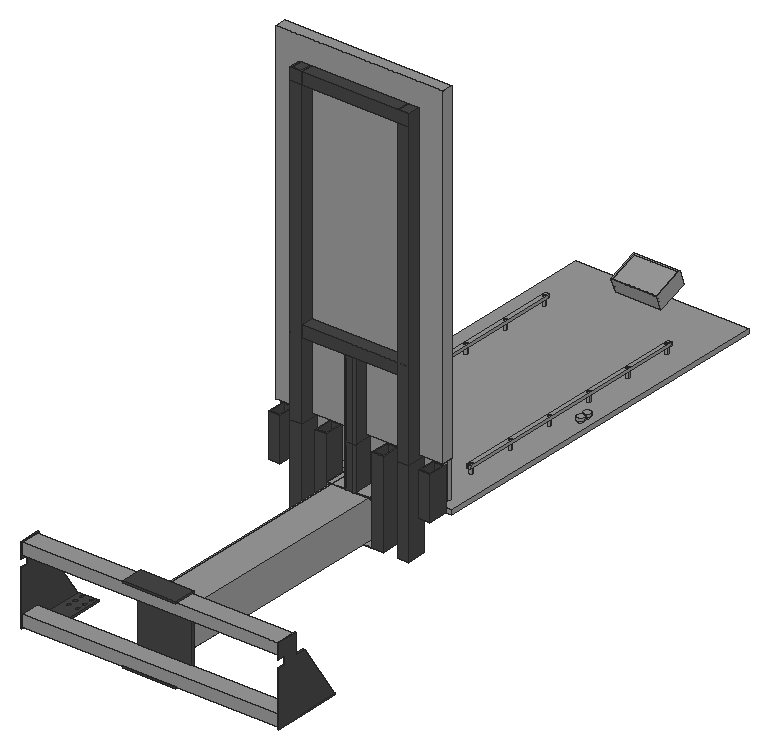
Revit family "Midmark - Fold-Up Lift Table", category Specialty Equipment, host Face, Revit 2017
Family settings
  Host = Face
  Round Connector Dimension = Use Diameter
  Part Type = Normal
  Cut with Voids When Loaded = No
  Shared = No
  Room Calculation Point = No
Parameters (values of type "Stainless Steel Top w/ Hand Control")
  Table Back Support Rails Material = Stainless Steel, Polished
  Table Back Support Plate Material = Stainless Steel, Polished
  Cleats Material = Stainless Steel, Polished
  Scale Display Material = Plastic, Opaque White
  Lift Column Stand Width = 2' - 10.001"
  Lift Column Stand Material = Stainless Steel, Polished
  Foot Control Material = Rubber, Black
  Exam Table Material = Stainless Steel, Polished
  Width = 1' - 10"
  Type Comments = "Electric Fold-up Lift Table, 44\"L x 22\"W Stainless Steel Top with Hand Control."
  Table thickness = 0' - 1 7/16"
  Table Up [instance] = not(Table Down)  # no
  Table Down [instance] = yes
  Scale = yes
  Plate thickness = 0' - 0 1/2"
  Plate Width = 1' - 10.75062"
  Plate Height = 1' - 4"
  Model = "101-3310-10"
  Manufacturer = "MIDMARK"
  Lift Column Material = Stainless Steel, Polished
  Height = Default Elevation + Depth  # 6' - 7.99835"
  Table Frame Material = Steel, Paint Finish, Black, Matte
  Foot Control = no
  Description = ""
  Depth = 3' - 7.99835"
  Default Elevation = 3' - 0"
Types (4): name | Type Comments | Scale | Model | Height | Foot Control | Depth
  Stainless Steel Top w/ Hand Control | "Electric Fold-up Lift Table, 44\"L x 22\"W Stainless Steel Top with Hand Control." | yes | "101-3310-10" | 6' - 7.99835" | no | 3' - 7.99835"
  Stainless Steel Top w/ Foot Control | "Electric Fold-up Lift Table, 44\"L x 22\"W Stainless Steel Top with Foot Control" | no | "101-5640-37" | 6' - 7.99445" | yes | 3' - 7.99445"
  Stainless Steel Top w/ Hand Control & Scale | "Electric Fold-up Lift Table, 44\"L x 22\"W Stainless Steel Top with Hand Control and Built-in Scale" | yes | "101-3310-10" | 6' - 7.99835" | no | 3' - 7.99835"
  Stainless Steel Top w/ Foot Control & Scale | "Electric Fold-up Lift Table, 44\"L x 22\"W Stainless Steel Top with Foot Control and Built-in Scale" | yes | "101-3310-21" | 6' - 7.99445" | yes | 3' - 7.99445"
Reference planes (in)
  plane 1 "Center (Front/Back)": y = 0
  plane 2: z = 0.00384
  plane 3 "Center (Left/Right)": x = 0
  plane 4 "front": z = 57.98734
  plane 5 "Underside of Table - Down Position": y = -1.4375
  plane 6 "Left Edge - Table": x = -11
  plane 7 "Right Edge - Table": x = 11
  plane 8 "Bottom of Lift Column": y = -33.11817
  plane 9 "Bottom Table Base": y = -36
  plane 10 "Left Edge - Base Frame": x = -16.99904
  plane 11 "Right Edge - Base Frame": x = 17.00196
  plane 12 "Back of Table - Down Position": z = 13.98899
  plane 13 "Front - Table Top Frame": z = 54.921
  plane 14 "Bottom of Lift Piston": y = 0.88183
  plane 15 "Top of Lift Column Tube": y = 45.88183
  plane 16 "Underside of Table When Up": z = 13.78793
  plane 17 "Front of Table - Folded Up": y = 43.99835
  plane 18 "Right Edge - Table Top Frame": x = 7.81094
  plane 19 "Top of Stand Plate": y = 48.28136
  plane 20 "Left Edge - Table Top Frame": x = -7.81328
  plane 21 "Top of Base": y = -33.49317
  plane 22 "Front of Table Base": z = 10.188
  plane 23 "Top of Base Lift Column": y = 11.88183
  plane 24 "T.O. SCALE DISPLAY": through (0, 48.28136, 10.188) normal (0, 0.9397, 0.342)
  plane 25 "B.O. SCALE DISPLAY": through (0, 44.52259, 8.81992) normal (0, 0.9397, 0.342)
  plane 26 "BACK OF SCALE DISPLAY": through (0, 44.37041, 9.23805) normal (0, 0.342, -0.9397)
  plane 27 "FRONT OF SCALE DISPLAY": through (0, 43.68637, 11.11743) normal (0, 0.342, -0.9397)
  plane 28: x = 11.37344
  plane 29: x = -11.37719
  plane 30: x = -6.31328
  plane 31: x = 6.31094
  plane 32 "BO Table Top Frame": y = -3.11764
  plane 33 "TO Table Top Frame": y = -0.61764
  plane 34: x = -4.49885
  plane 35 "Left Edge of Back Panel Channel": x = -2.99885
  plane 36: x = 4.49958
  plane 37 "Right Edge of Back Panel Channel": x = 3.00146
  plane 38 "Left Edge of Base Lift Column": x = -2.50023
  plane 39 "Right Edge of Base Lift Column": x = 2.50146
  plane 40 "Left Edge Lift Column Mounting Plate": x = -3.50023
  plane 41 "Right Edge Lift Column Mounting Plate": x = 3.50146
  plane 42 "TO Base Stand": y = -26.74317
  plane 43 "TO Foot Control": y = -34.5
  plane 44 "Left Edge of Foot Control": x = 12.27
  plane 45 "Right Edge of Foot Control": x = 20.27
  plane 46: x = -9.12851
  plane 47: x = -10.62693
  plane 48: x = 9.1297
  plane 49: x = 10.6297
  plane 50 "Left Edge Scale Display Frame": x = -3
  plane 51 "Right Edge Scale Display Frame": x = 3
Forms (in)
  Extrusion 1, solid, material "Stainless Steel, Polished" <- "Exam Table Material", visible <- "Table Down"
    sketch origin (0.07568, 0, 35) x (-1, 0, 0) y (0, 0, 1)
      loop
        line (11.07568, -20.96369) -> (11.07568, 22.94124)
        arc (11.07568, 22.94124) -> (11.06218, 22.97384) -> (11.02958, 22.98734) r 0.0461
        line (11.02958, 22.98734) -> (-10.87713, 22.98734)
        arc (-10.87713, 22.98734) -> (-10.9105, 22.97351) -> (-10.92432, 22.94014) r 0.0472
        line (-10.92432, 22.94014) -> (-10.92432, -20.96529)
        arc (-10.92432, -20.96529) -> (-10.91093, -20.99762) -> (-10.8786, -21.01101) r 0.04572
        line (-10.8786, -21.01101) -> (11.02835, -21.01101)
        arc (11.02835, -21.01101) -> (11.06181, -20.99715) -> (11.07568, -20.96369) r 0.04733
    from 0 to -1.42188
  Extrusion 2, solid, material "Stainless Steel, Polished" <- "Exam Table Material", visible <- "Table Up"
    sketch origin (0.07568, 39.48022, 1.71107) x (0, 1, 0) y (-1, 0, 0)
      loop
        arc (4.52368, 10.22875) -> (4.27563, 10.82762) -> (3.67676, 11.07568) r 0.84692
        line (3.67676, 11.07568) -> (-39.43782, 11.07568)
        arc (-39.43782, 11.07568) -> (-39.47232, 11.06139) -> (-39.48661, 11.02689) r 0.04879
        line (-39.48661, 11.02689) -> (-39.48661, -10.87801)
        arc (-39.48661, -10.87801) -> (-39.47304, -10.91076) -> (-39.4403, -10.92432) r 0.04631
        line (-39.4403, -10.92432) -> (3.67696, -10.92432)
        arc (3.67696, -10.92432) -> (4.27568, -10.67632) -> (4.52368, -10.0776) r 0.84673
        line (4.52368, -10.0776) -> (4.52368, 10.22875)
    from 10.63935 to 12.07685
  Extrusion 3, solid, material "Stainless Steel, Polished" <- "Lift Column Stand Material"
    sketch origin (-0.48, -180, 4.20911) x (0, 0, -1) y (0, -1, 0)
      loop
        line (4, -146.50683) -> (4, -144.00683) -> (2.4763, -144.00683) -> (2.4763, -146.50683) -> (4, -146.50683)
      loop
        line (2.6013, -146.38183) -> (3.8513, -146.38183) -> (3.8513, -144.13183) -> (2.6013, -144.13183) -> (2.6013, -146.38183)
      loop
        line (-5.97889, -146.50683) -> (-4.47889, -146.50683) -> (-4.47889, -144.00683) -> (-5.97889, -144.00683) -> (-5.97889, -146.50683)
      loop
        line (-5.85389, -146.38183) -> (-4.60389, -146.38183) -> (-4.60389, -144.13183) -> (-5.85389, -144.13183) -> (-5.85389, -146.38183)
    from -17.30568 to 16.33104
  Extrusion 4, solid, material "Steel, Paint Finish, Black, Matte" <- "Table Frame Material"
    sketch origin (-0.61672, -180, 4.20911) x (0, 0, -1) y (0, -1, 0)
      loop
        line (-3.41589, -146.88183) -> (-3.41589, -148.20141) -> (3.7883, -152.97783)
        arc (3.7883, -152.97783) -> (3.91782, -153.09937) -> (4, -153.25683) r 0.53076
        line (4, -153.25683) -> (4, -147.50683) -> (4.20911, -147.50683) -> (4.20911, -144) -> (-2.97889, -144) -> (-2.97889, -145.00683) -> (-3.97889, -145.00683) -> (-3.97889, -144) -> (-5.97889, -144) -> (-5.97889, -146.88183) -> (-3.41589, -146.88183)
    from 16.19432 to 16.38232
  Extrusion 5, solid, material "Steel, Paint Finish, Black, Matte" <- "Table Frame Material"
    sketch origin (0.56, -180, 4) x (0, 0, -1) y (0, -1, 0)
      loop
        line (4, -144) -> (-3.188, -144) -> (-3.188, -145.00683) -> (-4.188, -145.00683) -> (-4.188, -144) -> (-6.188, -144) -> (-6.188, -146.88183) -> (-3.5656, -146.88183) -> (-3.5656, -148.24079) -> (3.57918, -152.97783)
        arc (3.57918, -152.97783) -> (3.73197, -153.08172) -> (3.79089, -153.25683) r 0.2897
        line (3.79089, -153.25683) -> (3.79089, -147.50683) -> (4, -147.50683) -> (4, -144)
    from -16.45368 to -16.26568
  Extrusion 6, solid, material "Steel, Paint Finish, Black, Matte" <- "Table Frame Material"
    sketch origin (0, 0, 0) x (1, 0, 0) y (0, 0, 1)
      loop
        line (-3.50023, 10.188) -> (-3.50023, 0.20911) -> (3.50146, 0.20911) -> (3.50146, 10.188) -> (-3.50023, 10.188)
    from 33.11817 to 33.49317
  Extrusion 7, solid, material "Stainless Steel, Polished" <- "Lift Column Material"
    sketch origin (0, 0, 0) x (1, 0, 0) y (0, 0, 1)
      loop
        line (-2.50023, 2.643) -> (2.50146, 2.643) -> (2.50146, 7.715) -> (-2.50023, 7.715) -> (-2.50023, 2.643)
      loop
        arc (-2.36523, 7.67) -> (-2.42887, 7.64364) -> (-2.45523, 7.58) r 0.09
        line (-2.45523, 7.58) -> (-2.45523, 2.778)
        arc (-2.45523, 2.778) -> (-2.42887, 2.71436) -> (-2.36523, 2.688) r 0.09
        line (-2.36523, 2.688) -> (2.36646, 2.688)
        arc (2.36646, 2.688) -> (2.4301, 2.71436) -> (2.45646, 2.778) r 0.09
        line (2.45646, 2.778) -> (2.45646, 7.58)
        arc (2.45646, 7.58) -> (2.4301, 7.64364) -> (2.36646, 7.67) r 0.09
        line (2.36646, 7.67) -> (-2.36523, 7.67)
    from -11.88183 to 33.11817
  Extrusion 8, solid, material "Stainless Steel, Polished" <- "Exam Table Material"
    sketch origin (0, 0, 0) x (1, 0, 0) y (0, 0, 1)
      loop
        line (-1.95523, 7.215) -> (-1.95523, 3.233) -> (1.95646, 3.233) -> (1.95646, 7.215) -> (-1.95523, 7.215)
      loop
        line (2.00146, 3.188) -> (2.00146, 7.26) -> (-2.00023, 7.26) -> (-2.00023, 3.188) -> (2.00146, 3.188)
    from -45.88183 to -0.88183
  Extrusion 9, solid, material "Stainless Steel, Polished" <- "Exam Table Material"
    sketch origin (0, 0, 0) x (1, 0, 0) y (0, 0, 1)
      loop
        line (-2.99885, 7.76) -> (-2.99885, 2.03) -> (3.00146, 2.03) -> (3.00146, 7.76) -> (-2.99885, 7.76)
      loop
        line (2.95646, 7.715) -> (-2.95385, 7.715) -> (-2.95385, 2.07688) -> (2.95646, 2.07688) -> (2.95646, 7.715)
    from -45.88183 to 3.07317
  Extrusion 10, solid, material "Steel, Paint Finish, Black, Matte" <- "Table Frame Material"
    sketch origin (-28.83328, -179.89529, 7.5656) x (-1, 0, 0) y (0, -1, 0)
      loop
        line (-11.83423, -153.15212) -> (-11.83423, -147.40212) -> (-14.21023, -147.40212) -> (-14.71023, -147.90212) -> (-14.71023, -153.15212) -> (-11.83423, -153.15212)
      loop
        line (-42.95923, -153.15212) -> (-42.95923, -147.90212) -> (-43.45923, -147.40212) -> (-45.83523, -147.40212) -> (-45.83523, -153.15212) -> (-42.95923, -153.15212)
      loop
        circle (-43.45418, -152.65363) r 0.20279
      loop
        circle (-44.70303, -152.65363) r 0.20279
      loop
        circle (-44.70303, -150.40363) r 0.20279
      loop
        circle (-43.45303, -150.40363) r 0.20279
      loop
        circle (-44.70905, -147.88427) r 0.20279
      loop
        circle (-12.96337, -147.88427) r 0.20279
      loop
        circle (-12.96337, -150.40812) r 0.20279
      loop
        circle (-12.96337, -152.65812) r 0.20279
      loop
        circle (-14.21337, -152.65812) r 0.20279
      loop
        circle (-14.21337, -150.39189) r 0.20279
      loop
        circle (-12.9664, -151.52461) r 0.25
      loop
        circle (-14.2164, -151.52461) r 0.25
      loop
        circle (-43.45777, -151.52461) r 0.25
      loop
        circle (-44.70777, -151.52461) r 0.25
    from -7.5656 to -7.3156
  Extrusion 11, solid, material "Stainless Steel, Polished" <- "Exam Table Material"
    sketch origin (-0.48, -180, 4) x (0, 0, -1) y (0, -1, 0)
      loop
        line (-9.98899, -179.88236) -> (-5.26, -179.88236) -> (-5.26, -179.38236) -> (-9.98899, -179.38236) -> (-9.98899, -179.88236)
    from -11.47844 to 10.52159
  Extrusion 12, solid, material "Steel, Paint Finish, Black, Matte" <- "Table Frame Material"
    sketch origin (-28.83328, -179.89529, 7.5656) x (-1, 0, 0) y (0, -1, 0)
      loop
        line (-18.20636, -179.27765) -> (-18.20636, -176.77765) -> (-19.70477, -176.77765) -> (-19.70477, -179.27765) -> (-18.20636, -179.27765)
      loop
        line (-18.33136, -179.15265) -> (-18.33136, -176.90265) -> (-19.57977, -176.90265) -> (-19.57977, -179.15265) -> (-18.33136, -179.15265)
      loop
        line (-37.95711, -179.27765) -> (-37.95711, -176.77765) -> (-39.45711, -176.77765) -> (-39.45711, -179.27765) -> (-37.95711, -179.27765)
      loop
        line (-38.08211, -179.15265) -> (-38.08211, -176.90265) -> (-39.33211, -176.90265) -> (-39.33211, -179.15265) -> (-38.08211, -179.15265)
    from 0.1494 to 5.7974
  Extrusion 13, solid, material "Steel, Paint Finish, Black, Matte" <- "Table Frame Material"
    sketch origin (-28.82742, -179.89529, 7.5656) x (-1, 0, 0) y (0, -1, 0)
      loop
        line (-21.01414, -179.27765) -> (-21.01414, -176.77765) -> (-22.51414, -176.77765) -> (-22.51414, -179.27765) -> (-21.01414, -179.27765)
      loop
        line (-21.13914, -179.15265) -> (-21.13914, -176.90265) -> (-22.38914, -176.90265) -> (-22.38914, -179.15265) -> (-21.13914, -179.15265)
      loop
        line (-35.13836, -179.27765) -> (-35.13836, -176.77765) -> (-36.63836, -176.77765) -> (-36.63836, -179.27765) -> (-35.13836, -179.27765)
      loop
        line (-35.26336, -179.15265) -> (-35.26336, -176.90265) -> (-36.51336, -176.90265) -> (-36.51336, -179.15265) -> (-35.26336, -179.15265)
    from -5.5356 to 5.7974
  Extrusion 14, solid, material "Steel, Paint Finish, Black, Matte" <- "Table Frame Material"
    sketch origin (-28.83328, -179.89529, 7.5656) x (-1, 0, 0) y (0, -1, 0)
      loop
        line (-24.33442, -179.27765) -> (-24.33442, -176.77765) -> (-25.83442, -176.77765) -> (-25.83442, -179.27765) -> (-24.33442, -179.27765)
      loop
        line (-24.45942, -179.15265) -> (-24.45942, -176.90265) -> (-25.70942, -176.90265) -> (-25.70942, -179.15265) -> (-24.45942, -179.15265)
      loop
        line (-31.83473, -179.27765) -> (-31.83473, -176.77765) -> (-33.33286, -176.77765) -> (-33.33286, -179.27765) -> (-31.83473, -179.27765)
      loop
        line (-31.95786, -179.15265) -> (-31.95786, -176.90265) -> (-33.20786, -176.90265) -> (-33.20786, -179.15265) -> (-31.95786, -179.15265)
    from -5.5356 to 5.7974
  Extrusion 15, solid, material "Steel, Paint Finish, Black, Matte" <- "Table Frame Material"
    sketch origin (-28.83328, -179.89529, 7.5656) x (-1, 0, 0) y (0, -1, 0)
      loop
        line (-28.0817, -179.27765) -> (-28.0817, -177.09345)
        arc (-28.0817, -177.09345) -> (-28.17391, -176.87043) -> (-28.3967, -176.77765) r 0.3158
        line (-28.3967, -176.77765) -> (-29.2667, -176.77765)
        arc (-29.2667, -176.77765) -> (-29.48813, -176.85674) -> (-29.5817, -177.07246) r 0.29546
        line (-29.5817, -177.07246) -> (-29.5817, -179.27765) -> (-28.0817, -179.27765)
      loop
        line (-28.2067, -179.15265) -> (-28.2067, -177.02765)
        arc (-28.2067, -177.02765) -> (-28.28298, -176.9367) -> (-28.3967, -176.90265) r 0.2069
        line (-28.3967, -176.90265) -> (-29.2667, -176.90265)
        arc (-29.2667, -176.90265) -> (-29.38041, -176.9367) -> (-29.4567, -177.02765) r 0.2069
        line (-29.4567, -177.02765) -> (-29.4567, -179.15265) -> (-28.2067, -179.15265)
    from 0.1494 to 5.7974
  Extrusion 16, solid, material "Steel, Paint Finish, Black, Matte" <- "Table Frame Material"
    sketch origin (-28.83328, -179.89529, 7.5656) x (-1, 0, 0) y (0, -1, 0)
      loop
        line (-21.01999, -179.27765) -> (-21.01999, -176.77765) -> (-22.51999, -176.77765) -> (-22.51999, -179.27765) -> (-21.01999, -179.27765)
      loop
        line (-21.14499, -179.15265) -> (-21.14499, -176.90265) -> (-22.39499, -176.90265) -> (-22.39499, -179.15265) -> (-21.14499, -179.15265)
      loop
        line (-35.13836, -179.27765) -> (-35.13836, -176.77765) -> (-36.63836, -176.77765) -> (-36.63836, -179.27765) -> (-35.13836, -179.27765)
      loop
        line (-35.26336, -179.15265) -> (-35.26336, -176.90265) -> (-36.51336, -176.90265) -> (-36.51336, -179.15265) -> (-35.26336, -179.15265)
    from 5.7974 to 47.3554
  Extrusion 17, solid, material "Steel, Paint Finish, Black, Matte" <- "Table Frame Material"
    sketch origin (-0.48, -180, 4) x (0, 0, -1) y (0, -1, 0)
      loop
        line (-50.921, -179.38236) -> (-49.421, -179.38236) -> (-49.421, -176.88236) -> (-50.921, -176.88236) -> (-50.921, -179.38236)
      loop
        line (-50.796, -179.25736) -> (-49.546, -179.25736) -> (-49.546, -177.00736) -> (-50.796, -177.00736) -> (-50.796, -179.25736)
      loop
        line (-21.12803, -179.38236) -> (-19.62803, -179.38236) -> (-19.62803, -176.88236) -> (-21.12803, -176.88236) -> (-21.12803, -179.38236)
      loop
        line (-21.00303, -179.25736) -> (-19.75303, -179.25736) -> (-19.75303, -177.00736) -> (-21.00303, -177.00736) -> (-21.00303, -179.25736)
    from -8.27603 to 7.30859
  Extrusion 18, solid, material "Steel, Paint Finish, Black, Matte" <- "Table Frame Material"
    sketch origin (-28.83328, -179.89529, 7.5656) x (-1, 0, 0) y (0, -1, 0)
      loop
        line (-28.0817, -179.27765) -> (-28.0817, -177.09345)
        arc (-28.0817, -177.09345) -> (-28.17419, -176.87014) -> (-28.39749, -176.77765) r 0.3158
        line (-28.39749, -176.77765) -> (-29.28688, -176.77765)
        arc (-29.28688, -176.77765) -> (-29.49535, -176.864) -> (-29.5817, -177.07246) r 0.29481
        line (-29.5817, -177.07246) -> (-29.5817, -179.27765) -> (-28.0817, -179.27765)
      loop
        line (-28.2067, -179.15265) -> (-28.2067, -177.02765)
        arc (-28.2067, -177.02765) -> (-28.28298, -176.9367) -> (-28.3967, -176.90265) r 0.2069
        line (-28.3967, -176.90265) -> (-29.2667, -176.90265)
        arc (-29.2667, -176.90265) -> (-29.38041, -176.9367) -> (-29.4567, -177.02765) r 0.2069
        line (-29.4567, -177.02765) -> (-29.4567, -179.15265) -> (-28.2067, -179.15265)
    from 5.7974 to 16
  Extrusion 19, solid, material "Stainless Steel, Polished" <- "Table Back Support Plate Material"
    sketch origin (-28.83328, -179.89529, 7.5656) x (-1, 0, 0) y (0, -1, 0)
      loop
        line (-17.45828, -228.17665) -> (-17.45828, -179.44712) -> (-40.20671, -179.44712) -> (-40.20671, -228.17665) -> (-17.45828, -228.17665)
    from 0.1494 to 0.6834
  Extrusion 20, solid, material "Stainless Steel, Polished" <- "Table Back Support Rails Material"
    sketch origin (-28.83328, -179.89529, 7.5656) x (-1, 0, 0) y (0, -1, 0)
      loop
        circle (-20.76981, -218.91068) r 0.18847
      loop
        circle (-20.76981, -212.47894) r 0.18847
      loop
        circle (-20.76981, -206.034) r 0.18847
      loop
        circle (-20.76981, -199.59831) r 0.18847
      loop
        circle (-20.76981, -193.14972) r 0.18847
      loop
        circle (-20.76981, -186.71501) r 0.18847
      loop
        circle (-36.89481, -186.71501) r 0.18847
      loop
        circle (-36.89481, -193.15412) r 0.18847
      loop
        circle (-36.89481, -199.59484) r 0.18847
      loop
        circle (-36.89481, -206.03757) r 0.18847
      loop
        circle (-36.89481, -212.48107) r 0.18847
      loop
        circle (-36.89481, -218.9182) r 0.18847
    from 0.7194 to 1.86379
  Extrusion 21, solid, material "Stainless Steel, Polished" <- "Table Back Support Rails Material"
    sketch origin (-28.83328, -179.89529, 7.5656) x (-1, 0, 0) y (0, -1, 0)
      loop
        line (-20.51999, -219.33556) -> (-20.51999, -186.38265)
        arc (-20.51999, -186.38265) -> (-20.55661, -186.29426) -> (-20.64499, -186.25765) r 0.125
        line (-20.64499, -186.25765) -> (-20.89499, -186.25765)
        arc (-20.89499, -186.25765) -> (-20.98338, -186.29426) -> (-21.01999, -186.38265) r 0.125
        line (-21.01999, -186.38265) -> (-21.01999, -219.33556)
        arc (-21.01999, -219.33556) -> (-20.98338, -219.42395) -> (-20.89499, -219.46056) r 0.125
        line (-20.89499, -219.46056) -> (-20.64499, -219.46056)
        arc (-20.64499, -219.46056) -> (-20.55661, -219.42395) -> (-20.51999, -219.33556) r 0.125
      loop
        line (-36.64421, -219.33556) -> (-36.64421, -186.38265)
        arc (-36.64421, -186.38265) -> (-36.68083, -186.29426) -> (-36.76921, -186.25765) r 0.125
        line (-36.76921, -186.25765) -> (-37.01921, -186.25765)
        arc (-37.01921, -186.25765) -> (-37.1076, -186.29426) -> (-37.14421, -186.38265) r 0.125
        line (-37.14421, -186.38265) -> (-37.14421, -219.33556)
        arc (-37.14421, -219.33556) -> (-37.1076, -219.42395) -> (-37.01921, -219.46056) r 0.125
        line (-37.01921, -219.46056) -> (-36.76921, -219.46056)
        arc (-36.76921, -219.46056) -> (-36.68083, -219.42395) -> (-36.64421, -219.33556) r 0.125
    from 1.4694 to 1.8444
  Extrusion 22, solid, material "Stainless Steel, Polished" <- "Cleats Material"
    sketch origin (-28.83328, -185.83476, 7.5656) x (-1, 0, 0) y (0, -1, 0)
      loop
        circle (-18.83329, -209.32958) r 0.31058
      loop
        circle (-18.83329, -208.25648) r 0.31058
      loop
        circle (-38.83326, -208.25648) r 0.31058
      loop
        circle (-38.83326, -209.33245) r 0.31058
    from 0.6834 to 1.00609
  Extrusion 23, solid, material "Stainless Steel, Polished" <- "Cleats Material"
    sketch origin (-28.83328, -185.83476, 7.5656) x (-1, 0, 0) y (0, -1, 0)
      loop
        circle (-18.83147, -209.32865) r 0.5
      loop
        circle (-18.83147, -208.26531) r 0.5
      loop
        circle (-38.83144, -208.26531) r 0.5
      loop
        circle (-38.83144, -209.3302) r 0.5
    from 0.92852 to 1.2194
  Extrusion 24, solid, material "Stainless Steel, Polished" <- "Table Back Support Plate Material", visible <- "Scale"
    sketch origin (0, 44.37041, 9.23805) x (0, -0.939693, -0.34202) y (-1, 0, 0)
      loop
        line (-4, 3) -> (-4, -3) -> (-0.00124, -3) -> (-0.00124, 3) -> (-4, 3)
      loop
        line (-0.12624, 2.875) -> (-3.875, 2.875) -> (-3.875, -2.875) -> (-0.12624, -2.875) -> (-0.12624, 2.875)
    from -2 to 0
  Extrusion 25, solid, material "Plastic, Opaque White" <- "Scale Display Material", visible <- "Scale"
    sketch origin (0, 43.68637, 11.11743) x (0, -0.939693, -0.34202) y (-1, 0, 0)
      loop
        line (-3.875, 2.875) -> (-3.875, -2.875) -> (-0.12624, -2.875) -> (-0.12624, 2.875) -> (-3.875, 2.875)
    from 0 to 2
  Sweep 26, solid, material "Stainless Steel, Polished" <- "Table Back Support Plate Material", visible <- "Scale"
    path origin (0, 0, 0) x (0, 1, 0) y (0, 0, 1)
      loop
        line (46.25038, 9.9223) -> (46.96658, 7.95455)
    profile origin (0, 46.60848, 8.93842) x (0, 0.939693, 0.34202) y (1, 0, 0)
      loop
        circle (0, 0) r 0.25
  Extrusion 27, solid, material "Stainless Steel, Polished" <- "Table Back Support Plate Material", visible <- "Scale"
    sketch origin (0, -0.12415, 0) x (1, 0, 0) y (0, 1, 0)
      loop
        arc (-0.5, 47.44514) -> (-1, 46.94514) -> (-0.5, 46.44514) r 0.5
        line (-0.5, 46.44514) -> (0.5, 46.44514)
        arc (0.5, 46.44514) -> (1, 46.94514) -> (0.5, 47.44514) r 0.5
        line (0.5, 47.44514) -> (-0.5, 47.44514)
    from 8.249 to 8.59927
  Extrusion 28, solid, material "Rubber, Black", visible <- "Foot Control", not visible
    sketch origin (4, 14.73515, -131.10317) x (0, 1, 0) y (0, 0, -1)
      loop
        line (-17.73515, -144) -> (-17.73515, -144.25) -> (-11.73515, -144.25) -> (-11.73515, -144) -> (-17.73515, -144)
    from 0 to 8
  Extrusion 29, solid, material "Rubber, Black", visible <- "Foot Control", not visible
    sketch origin (-0.5, 14.73515, -131.10317) x (0, 1, 0) y (0, 0, -1)
      loop
        line (-17.73515, -144.25) -> (-17.73515, -145.5) -> (-11.73515, -145.5) -> (-11.73515, -144.25) -> (-17.73515, -144.25)
    from -0.24968 to 3.5
  Extrusion 30, solid, material "Rubber, Black", visible <- "Foot Control", not visible
    sketch origin (4, 14.73515, -131.10317) x (0, 1, 0) y (0, 0, -1)
      loop
        line (-17.73515, -144.25) -> (-17.73515, -145.5) -> (-11.73515, -145.5) -> (-11.73515, -144.25) -> (-17.73515, -144.25)
    from 0 to 3.75
  Extrusion 31, solid, material "Rubber, Black", visible <- "Foot Control", not visible
    sketch origin (-46.37847, -34.26485, 12.89683) x (-1, 0, 0) y (0, -1, 0)
      loop
        line (-50.16308, -31.46256) -> (-50.16308, -35.21256) -> (-46.91308, -35.21256) -> (-46.91308, -31.46256) -> (-50.16308, -31.46256)
      loop
        line (-42.59385, -31.46256) -> (-45.84385, -31.46256) -> (-45.84385, -35.21256) -> (-42.59385, -35.21256) -> (-42.59385, -31.46256)
    from 1.5 to 1.67664
  Extrusion 32, solid, material "Rubber, Black", visible <- "Foot Control"
    sketch origin (20.27, -179.99684, -1) x (0, 0, -1) y (0, -1, 0)
      loop
        line (-17.73515, -144) -> (-17.73515, -144.25) -> (-11.73515, -144.25) -> (-11.73515, -144) -> (-17.73515, -144)
    from 0 to 8
  Extrusion 33, solid, material "Rubber, Black", visible <- "Foot Control"
    sketch origin (15.77, -179.99684, -1) x (0, 0, -1) y (0, -1, 0)
      loop
        line (-17.73515, -144.25) -> (-17.73515, -145.5) -> (-11.73515, -145.5) -> (-11.73515, -144.25) -> (-17.73515, -144.25)
    from -0.24968 to 3.5
  Extrusion 34, solid, material "Rubber, Black", visible <- "Foot Control"
    sketch origin (20.27, -179.99684, -1) x (0, 0, -1) y (0, -1, 0)
      loop
        line (-17.73515, -144.25) -> (-17.73515, -145.5) -> (-11.73515, -145.5) -> (-11.73515, -144.25) -> (-17.73515, -144.25)
    from 0 to 3.75
  Extrusion 35, solid, material "Rubber, Black", visible <- "Foot Control"
    sketch origin (-30.10847, -35.99684, 48) x (-1, 0, 0) y (0, 0, 1)
      loop
        line (-50.16308, -31.46256) -> (-50.16308, -35.21256) -> (-46.91308, -35.21256) -> (-46.91308, -31.46256) -> (-50.16308, -31.46256)
      loop
        line (-42.59385, -31.46256) -> (-45.84385, -31.46256) -> (-45.84385, -35.21256) -> (-42.59385, -35.21256) -> (-42.59385, -31.46256)
    from 1.5 to 1.67664
  Extrusion 36, solid, material "Steel, Paint Finish, Black, Matte" <- "Table Frame Material"
    sketch origin (-30.10847, -36, 48) x (-1, 0, 0) y (0, 0, 1)
      loop
        line (-33.60992, -37.687) -> (-33.60992, -37.937) -> (-26.60824, -37.937) -> (-26.60824, -37.687) -> (-33.60992, -37.687)
      loop
        line (-33.60992, -47.66589) -> (-33.60992, -47.91589) -> (-26.60824, -47.91589) -> (-26.60824, -47.66589) -> (-33.60992, -47.66589)
    from 0 to 2.88183
Lines and regions (in)
  symbolic lines, style "SpecialityEquipmentHiddenLines", visible <- "Table Up"
    curve 1: line (-10.53371, 42.9379, 2.1875) -> (0, 0, 2.1875)
    curve 2: line (0, 0, 2.1875) -> (10.29468, 42.9379, 2.1875)
  symbolic lines, style "SpecialityEquipmentHiddenLines", visible <- "Table Down"
    curve 3: line (0, 0, 3.51183) -> (9.97239, 0, 57.40155)
    curve 4: line (0, 0, 3.51183) -> (-10.24747, 0, 57.54965)
  model lines, visible <- "Scale"
    curve 5: line (-2.49632, 47.00666, 12.32592) -> (2.50368, 47.00666, 12.32592)
    curve 6: line (2.50368, 47.00666, 12.32592) -> (2.50368, 46.06697, 11.9839)
    curve 7: line (2.50368, 46.06697, 11.9839) -> (-2.49632, 46.06697, 11.9839)
    curve 8: line (-2.49632, 46.06697, 11.9839) -> (-2.49632, 47.00666, 12.32592)
    curve 9: circle (-2.24632, 44.92264, 11.5674) r 0.25 normal (0, 0.342, -0.9397)
    curve 10: circle (2.25368, 44.92264, 11.5674) r 0.25 normal (0, -0.342, 0.9397)
    curve 11: circle (0.75368, 44.92264, 11.5674) r 0.25 normal (0, -0.342, 0.9397)
    curve 12: circle (-0.74632, 44.92264, 11.5674) r 0.25 normal (0, 0.342, -0.9397)
Dimensions and locks (in)
  "Table thickness": plane 1 "Center (Front/Back)" to plane 5 "Underside of Table - Down Position"
  "Depth": plane 17 "Front of Table - Folded Up" to plane 1 "Center (Front/Back)"
  locked: host face to plane 12 "Back of Table - Down Position" at 13.98515
  "Default Elevation": plane 9 "Bottom Table Base" to plane 1 "Center (Front/Back)"
  "Depth": plane 4 "front" to plane 12 "Back of Table - Down Position"
  "Plate Width": plane 29 to plane 28
  "Width": plane 6 "Left Edge - Table" to plane 7 "Right Edge - Table"
  equal spacing: plane 6 "Left Edge - Table", plane 3 "Center (Left/Right)", plane 7 "Right Edge - Table"
  "Lift Column Stand Width": plane 10 "Left Edge - Base Frame" to plane 11 "Right Edge - Base Frame"
  aligned and locked: plane 2 to host face
  aligned and locked: level to host face
  aligned and locked: Extrusion 19 to plane 28
Automatic sketch dimensions
  plane 3 "Center (Left/Right)" to curve 4 = 0' - 0"
  level to curve 4 = 0' - 3.51183"
  curve 4 to plane 4 "front" = 0' - 0.43769"
  curve 4 to plane 6 "Left Edge - Table" = 0' - 0.75253"
  plane 7 "Right Edge - Table" to curve 3 = 0' - 1.02761"
  curve 3 to plane 4 "front" = 0' - 0.58579"
  host sketch curve to host sketch curve = 8' - 0"
  host sketch curve to host sketch curve = 9' - 10.57514"
  plane 7 "Right Edge - Table" to Extrusion 1 sketch curve = 0' - 0"
  Extrusion 1 sketch curve to plane 12 "Back of Table - Down Position" = 0' - 0"
  Extrusion 1 sketch curve to plane 4 "front" = 0' - 0"
  plane 6 "Left Edge - Table" to Extrusion 1 sketch curve = 0' - 0"
  plane 7 "Right Edge - Table" to Extrusion 1 sketch curve = 0' - 0.04572"
  Extrusion 1 sketch curve to Extrusion 1 sketch curve = 0' - 0.0472"
  Extrusion 1 sketch curve to Extrusion 1 sketch curve = 0' - 0.04733"
  Extrusion 1 sketch curve to plane 6 "Left Edge - Table" = 0' - 0.0461"
  Extrusion 2 sketch curve to plane 7 "Right Edge - Table" = 0' - 0"
  Extrusion 2 sketch curve to plane 6 "Left Edge - Table" = 0' - 0"
  plane 1 "Center (Front/Back)" to Extrusion 2 sketch curve = 0' - 0.00639"
  Extrusion 2 sketch curve to plane 1 "Center (Front/Back)" = 0' - 0.03992"
  Extrusion 2 sketch curve to plane 1 "Center (Front/Back)" = 0' - 0.0424"
  Extrusion 2 sketch curve to plane 17 "Front of Table - Folded Up" = 0' - 0.84137"
  Extrusion 2 sketch curve to plane 17 "Front of Table - Folded Up" = 0' - 0.84117"
  plane 17 "Front of Table - Folded Up" to Extrusion 2 sketch curve = 0' - 0.00555"
  plane 3 "Center (Left/Right)" to curve 2 = 0' - 0"
  plane 7 "Right Edge - Table" to curve 2 = 0' - 0.70532"
  curve 1 to plane 6 "Left Edge - Table" = 0' - 0.46629"
  curve 1 to plane 17 "Front of Table - Folded Up" = 0' - 1.06045"
  curve 2 to plane 17 "Front of Table - Folded Up" = 0' - 1.06045"
  Extrusion 3 sketch curve to plane 22 "Front of Table Base" = 0' - 0"
  Extrusion 3 sketch curve to plane 21 "Top of Base" = 0' - 0"  (x2)
  Extrusion 3 sketch curve to plane 22 "Front of Table Base" = 0' - 0 1/8"
  plane 9 "Bottom Table Base" to Extrusion 3 sketch curve = 0' - 0.13183"  (x2)
  Extrusion 3 sketch curve to Extrusion 3 sketch curve = 0' - 1 1/4"
  plane 9 "Bottom Table Base" to Extrusion 3 sketch curve = 0' - 0.00683"  (x2)
  Extrusion 3 sketch curve to Extrusion 3 sketch curve = 0' - 0 1/8"  (x2)
  level to Extrusion 3 sketch curve = 0' - 1.73282"
  level to Extrusion 3 sketch curve = 0' - 0.35782"
  Extrusion 3 sketch curve to Extrusion 3 sketch curve = 0' - 0.1487"
  Extrusion 3 sketch curve to plane 21 "Top of Base" = 0' - 0 1/8"  (x2)
  Extrusion 4 sketch curve to plane 9 "Bottom Table Base" = 0' - 0"  (x2)
  Extrusion 4 sketch curve to plane 22 "Front of Table Base" = 0' - 0"
  Extrusion 4 sketch curve to plane 8 "Bottom of Lift Column" = 0' - 0"
  Extrusion 4 sketch curve to level = 0' - 0"
  Extrusion 4 sketch curve to plane 22 "Front of Table Base" = 0' - 2"
  Extrusion 4 sketch curve to plane 22 "Front of Table Base" = 0' - 2.563"
  Extrusion 4 sketch curve to Extrusion 4 sketch curve = 0' - 1"
  level to Extrusion 4 sketch curve = 0' - 0.71411"
  level to Extrusion 4 sketch curve = 0' - 0.42082"
  Extrusion 4 sketch curve to Extrusion 4 sketch curve = 0' - 0.20911"
  plane 8 "Bottom of Lift Column" to Extrusion 4 sketch curve = 0' - 0 5/8"
  Extrusion 4 sketch curve to Extrusion 4 sketch curve = 0' - 1.31958"
  Extrusion 4 sketch curve to Extrusion 4 sketch curve = 0' - 5.47099"
  Extrusion 4 sketch curve to Extrusion 4 sketch curve = 0' - 0.27901"
  plane 9 "Bottom Table Base" to Extrusion 4 sketch curve = 0' - 1.00683"
  Extrusion 5 sketch curve to plane 9 "Bottom Table Base" = 0' - 0"  (x2)
  Extrusion 5 sketch curve to plane 22 "Front of Table Base" = 0' - 0"
  Extrusion 5 sketch curve to plane 8 "Bottom of Lift Column" = 0' - 0"
  Extrusion 5 sketch curve to level = 0' - 0"
  Extrusion 5 sketch curve to plane 22 "Front of Table Base" = 0' - 2"
  Extrusion 5 sketch curve to Extrusion 5 sketch curve = 0' - 0.6224"
  Extrusion 5 sketch curve to Extrusion 5 sketch curve = 0' - 1"
  level to Extrusion 5 sketch curve = 0' - 0.49882"
  Extrusion 5 sketch curve to Extrusion 5 sketch curve = 0' - 0.078"
  level to Extrusion 5 sketch curve = 0' - 0.20911"
  plane 8 "Bottom of Lift Column" to Extrusion 5 sketch curve = 0' - 0 5/8"
  plane 8 "Bottom of Lift Column" to Extrusion 5 sketch curve = 0' - 1.35896"
  Extrusion 5 sketch curve to Extrusion 5 sketch curve = 0' - 5.47099"
  plane 9 "Bottom Table Base" to Extrusion 5 sketch curve = 0' - 1.00683"
  Extrusion 6 sketch curve to plane 22 "Front of Table Base" = 0' - 0"
  level to Extrusion 6 sketch curve = 0' - 0.20911"
  Extrusion 7 sketch curve to Extrusion 7 sketch curve = 0' - 0.09"  (x3)
  level to Extrusion 7 sketch curve = 0' - 2.643"
  Extrusion 7 sketch curve to Extrusion 7 sketch curve = 0' - 0.045"  (x3)
  Extrusion 7 sketch curve to plane 22 "Front of Table Base" = 0' - 2.608"
  Extrusion 8 sketch curve to Extrusion 8 sketch curve = 0' - 0.045"  (x4)
  level to Extrusion 8 sketch curve = 0' - 3.188"
  Extrusion 8 sketch curve to plane 22 "Front of Table Base" = 0' - 2.973"
  Extrusion 9 sketch curve to Extrusion 9 sketch curve = 0' - 0.045"  (x3)
  level to Extrusion 9 sketch curve = 0' - 2.03"
  Extrusion 9 sketch curve to Extrusion 9 sketch curve = 0' - 0 3/64"
  Extrusion 9 sketch curve to plane 22 "Front of Table Base" = 0' - 2.473"
  Extrusion 10 sketch curve to plane 11 "Right Edge - Base Frame" = 0' - 0"
  Extrusion 10 sketch curve to plane 10 "Left Edge - Base Frame" = 0' - 0"
  plane 11 "Right Edge - Base Frame" to Extrusion 10 sketch curve = 0' - 1.12618"
  plane 11 "Right Edge - Base Frame" to Extrusion 10 sketch curve = 0' - 1.12746"
  Extrusion 10 sketch curve to Extrusion 10 sketch curve = 0' - 0.00474"  (x3)
  plane 8 "Bottom of Lift Column" to Extrusion 10 sketch curve = 0' - 0 5/8"  (x2)
  Extrusion 10 sketch curve to Extrusion 10 sketch curve = 0' - 1.24982"
  Extrusion 10 sketch curve to Extrusion 10 sketch curve = 0' - 1 1/4"
  Extrusion 10 sketch curve to Extrusion 10 sketch curve = 0' - 0.00359"
  Extrusion 10 sketch curve to Extrusion 10 sketch curve = 0' - 0.49494"
  Extrusion 10 sketch curve to Extrusion 10 sketch curve = 0' - 2.876"
  Extrusion 10 sketch curve to Extrusion 10 sketch curve = 0' - 0.49384"
  Extrusion 10 sketch curve to Extrusion 10 sketch curve = 0' - 0.49687"
  Extrusion 10 sketch curve to Extrusion 10 sketch curve = 0' - 0.00303"  (x2)
  Extrusion 10 sketch curve to Extrusion 10 sketch curve = 0' - 0 1/2"  (x3)
  Extrusion 10 sketch curve to plane 10 "Left Edge - Base Frame" = 0' - 1.13216"
  Extrusion 10 sketch curve to plane 10 "Left Edge - Base Frame" = 0' - 1.12913"  (x2)
  plane 8 "Bottom of Lift Column" to Extrusion 10 sketch curve = 0' - 1.10715"  (x2)
  Extrusion 10 sketch curve to Extrusion 10 sketch curve = 0' - 2.48977"
  Extrusion 10 sketch curve to Extrusion 10 sketch curve = 0' - 2.50151"
  Extrusion 10 sketch curve to Extrusion 10 sketch curve = 0' - 0"
  Extrusion 10 sketch curve to Extrusion 10 sketch curve = 0' - 0.01623"
  Extrusion 10 sketch curve to Extrusion 10 sketch curve = 0' - 1.12098"  (x2)
  Extrusion 10 sketch curve to Extrusion 10 sketch curve = 0' - 1.11648"
  Extrusion 10 sketch curve to Extrusion 10 sketch curve = 0' - 1.13272"
  Extrusion 10 sketch curve to Extrusion 10 sketch curve = 0' - 1.12902"  (x2)
  Extrusion 10 sketch curve to Extrusion 10 sketch curve = 0' - 1.13352"  (x2)
  Extrusion 10 sketch curve to Extrusion 10 sketch curve = 0' - 0.49849"
  Extrusion 10 sketch curve to Extrusion 10 sketch curve = 0' - 0.494"
  Extrusion 11 sketch curve to plane 12 "Back of Table - Down Position" = 0' - 0"
  plane 1 "Center (Front/Back)" to Extrusion 11 sketch curve = 0' - 0.11764"
  Extrusion 11 sketch curve to plane 22 "Front of Table Base" = 0' - 0.928"
  Extrusion 11 sketch curve to Extrusion 11 sketch curve = 0' - 0 1/2"
  plane 7 "Right Edge - Table" to Extrusion 12 sketch curve = 0' - 0.37617"
  Extrusion 12 sketch curve to Extrusion 12 sketch curve = 0' - 0 1/8"  (x8)
  Extrusion 12 sketch curve to Extrusion 12 sketch curve = 0' - 1 1/4"
  plane 1 "Center (Front/Back)" to Extrusion 12 sketch curve = 0' - 0.61764"  (x2)
  plane 20 "Left Edge - Table Top Frame" to Extrusion 12 sketch curve = 0' - 1.31523"
  Extrusion 12 sketch curve to plane 6 "Left Edge - Table" = 0' - 0.49808"
  Extrusion 13 sketch curve to plane 18 "Right Edge - Table Top Frame" = 0' - 0"
  plane 18 "Right Edge - Table Top Frame" to Extrusion 13 sketch curve = 0' - 0 1/8"
  Extrusion 13 sketch curve to Extrusion 13 sketch curve = 0' - 1 1/4"
  Extrusion 13 sketch curve to Extrusion 13 sketch curve = 0' - 0 1/8"  (x6)
  plane 1 "Center (Front/Back)" to Extrusion 13 sketch curve = 0' - 0.61764"  (x2)
  Extrusion 13 sketch curve to plane 20 "Left Edge - Table Top Frame" = 0' - 1 1/2"
  Extrusion 13 sketch curve to plane 20 "Left Edge - Table Top Frame" = 0' - 0 1/8"
  Extrusion 13 sketch curve to plane 20 "Left Edge - Table Top Frame" = 0' - 0"
  plane 1 "Center (Front/Back)" to Extrusion 14 sketch curve = 0' - 0.61764"  (x2)
  Extrusion 14 sketch curve to Extrusion 14 sketch curve = 0' - 0 1/8"  (x7)
  Extrusion 14 sketch curve to Extrusion 14 sketch curve = 0' - 0.12312"
  Extrusion 14 sketch curve to Extrusion 14 sketch curve = 0' - 1 1/4"
  plane 3 "Center (Left/Right)" to Extrusion 15 sketch curve = 0' - 0.74842"
  Extrusion 15 sketch curve to Extrusion 15 sketch curve = 0' - 0 1/8"  (x3)
  Extrusion 15 sketch curve to Extrusion 15 sketch curve = 0' - 0.17046"
  Extrusion 15 sketch curve to Extrusion 15 sketch curve = 0' - 0 5/256"
  Extrusion 15 sketch curve to Extrusion 15 sketch curve = 0' - 0"  (x2)
  Extrusion 15 sketch curve to plane 3 "Center (Left/Right)" = 0' - 0.43578"
  Extrusion 15 sketch curve to Extrusion 15 sketch curve = 0' - 0.0008"
  Extrusion 15 sketch curve to Extrusion 15 sketch curve = 0' - 0.1908"
  Extrusion 15 sketch curve to Extrusion 15 sketch curve = 0' - 0.0161"
  Extrusion 15 sketch curve to Extrusion 15 sketch curve = 0' - 0.03709"
  plane 1 "Center (Front/Back)" to Extrusion 15 sketch curve = 0' - 0.74264"
  Extrusion 15 sketch curve to Extrusion 15 sketch curve = 0' - 0.04481"
  Extrusion 17 sketch curve to plane 13 "Front - Table Top Frame" = 0' - 0"
  Extrusion 17 sketch curve to plane 13 "Front - Table Top Frame" = 0' - 0 1/8"
  Extrusion 17 sketch curve to Extrusion 17 sketch curve = 0' - 1 1/4"  (x2)
  Extrusion 17 sketch curve to Extrusion 17 sketch curve = 0' - 0 1/8"  (x7)
  plane 1 "Center (Front/Back)" to Extrusion 17 sketch curve = 0' - 0.61764"  (x2)
  plane 12 "Back of Table - Down Position" to Extrusion 17 sketch curve = 0' - 11.13905"
  plane 3 "Center (Left/Right)" to Extrusion 18 sketch curve = 0' - 0.74842"
  Extrusion 18 sketch curve to Extrusion 18 sketch curve = 0' - 0 1/8"  (x3)
  Extrusion 18 sketch curve to Extrusion 18 sketch curve = 0' - 0.16981"
  Extrusion 18 sketch curve to Extrusion 18 sketch curve = 0' - 0.02019"
  Extrusion 18 sketch curve to plane 3 "Center (Left/Right)" = 0' - 0.43578"
  Extrusion 18 sketch curve to Extrusion 18 sketch curve = 0' - 0.0008"
  Extrusion 18 sketch curve to Extrusion 18 sketch curve = 0' - 0.1908"
  Extrusion 18 sketch curve to Extrusion 18 sketch curve = 0' - 0.0161"
  Extrusion 18 sketch curve to Extrusion 18 sketch curve = 0' - 0.03709"
  plane 1 "Center (Front/Back)" to Extrusion 18 sketch curve = 0' - 0.74264"
  Extrusion 18 sketch curve to Extrusion 18 sketch curve = 0' - 0.04481"
  Extrusion 19 sketch curve to plane 19 "Top of Stand Plate" = 0' - 0"
  Extrusion 19 sketch curve to plane 7 "Right Edge - Table" = 0' - 0.37344"
  plane 6 "Left Edge - Table" to Extrusion 19 sketch curve = 0' - 0 3/8"
  plane 1 "Center (Front/Back)" to Extrusion 19 sketch curve = 0' - 0.44817"
  Extrusion 20 sketch curve to plane 18 "Right Edge - Table Top Frame" = 0' - 0.2506"  (x6)
  plane 20 "Left Edge - Table Top Frame" to Extrusion 20 sketch curve = 0' - 0.25018"  (x6)
  Extrusion 20 sketch curve to plane 17 "Front of Table - Folded Up" = 0' - 4.97544"
  Extrusion 20 sketch curve to plane 17 "Front of Table - Folded Up" = 0' - 4.98296"
  Extrusion 20 sketch curve to Extrusion 20 sketch curve = 0' - 6.43712"
  Extrusion 20 sketch curve to Extrusion 20 sketch curve = 0' - 6.43174"
  Extrusion 20 sketch curve to Extrusion 20 sketch curve = 0' - 6.4435"
  Extrusion 20 sketch curve to Extrusion 20 sketch curve = 0' - 6.44495"
  Extrusion 20 sketch curve to Extrusion 20 sketch curve = 0' - 6.43568"
  Extrusion 20 sketch curve to Extrusion 20 sketch curve = 0' - 6.44274"
  plane 23 "Top of Base Lift Column" to Extrusion 20 sketch curve = 0' - 1.377"
  plane 23 "Top of Base Lift Column" to Extrusion 20 sketch curve = 0' - 1.3726"
  Extrusion 20 sketch curve to plane 23 "Top of Base Lift Column" = 0' - 5.06211"  (x2)
  Extrusion 21 sketch curve to plane 18 "Right Edge - Table Top Frame" = 0' - 0 1/2"
  Extrusion 21 sketch curve to Extrusion 21 sketch curve = 0' - 0 1/8"  (x3)
  Extrusion 21 sketch curve to plane 18 "Right Edge - Table Top Frame" = 0' - 0 1/8"  (x2)
  plane 18 "Right Edge - Table Top Frame" to Extrusion 21 sketch curve = 0' - 0"
  Extrusion 21 sketch curve to plane 20 "Left Edge - Table Top Frame" = 0' - 0"
  plane 20 "Left Edge - Table Top Frame" to Extrusion 21 sketch curve = 0' - 0 1/8"  (x2)
  plane 20 "Left Edge - Table Top Frame" to Extrusion 21 sketch curve = 0' - 0 3/8"  (x2)
  Extrusion 21 sketch curve to plane 17 "Front of Table - Folded Up" = 0' - 4.43308"  (x2)
  Extrusion 21 sketch curve to plane 23 "Top of Base Lift Column" = 0' - 5.39447"  (x2)
  plane 7 "Right Edge - Table" to Extrusion 22 sketch curve = 0' - 1"  (x2)
  Extrusion 22 sketch curve to plane 6 "Left Edge - Table" = 0' - 1"  (x2)
  plane 23 "Top of Base Lift Column" to Extrusion 22 sketch curve = 0' - 11.61586"
  plane 23 "Top of Base Lift Column" to Extrusion 22 sketch curve = 0' - 11.61299"
  Extrusion 22 sketch curve to Extrusion 22 sketch curve = 0' - 1.07598"
  Extrusion 22 sketch curve to Extrusion 22 sketch curve = 0' - 1.07311"
  plane 7 "Right Edge - Table" to Extrusion 23 sketch curve = 0' - 1.00184"  (x2)
  Extrusion 23 sketch curve to plane 6 "Left Edge - Table" = 0' - 0.99819"  (x2)
  plane 23 "Top of Base Lift Column" to Extrusion 23 sketch curve = 0' - 11.61361"
  plane 23 "Top of Base Lift Column" to Extrusion 23 sketch curve = 0' - 11.61206"
  Extrusion 23 sketch curve to Extrusion 23 sketch curve = 0' - 1.06489"
  Extrusion 23 sketch curve to Extrusion 23 sketch curve = 0' - 1.06334"
  plane 24 "T.O. SCALE DISPLAY" to Extrusion 24 sketch curve = 0' - 0"
  Extrusion 24 sketch curve to plane 24 "T.O. SCALE DISPLAY" = 0' - 0 1/8"
  plane 25 "B.O. SCALE DISPLAY" to Extrusion 24 sketch curve = 0' - 0.12624"
  plane 25 "B.O. SCALE DISPLAY" to Extrusion 24 sketch curve = 0' - 0.00124"
  Extrusion 24 sketch curve to Extrusion 24 sketch curve = 0' - 0 1/8"  (x2)
  Extrusion 25 sketch curve to plane 24 "T.O. SCALE DISPLAY" = 0' - 0 1/8"
  plane 25 "B.O. SCALE DISPLAY" to Extrusion 25 sketch curve = 0' - 0.12624"
  Sweep 26 sketch curve to plane 3 "Center (Left/Right)" = 0' - 0"
  Sweep 26 sketch curve to profile plane = 0' - 0"
  plane 26 "BACK OF SCALE DISPLAY" to Sweep 26 sketch curve = 0' - 0"
  Sweep 26 sketch curve to plane 22 "Front of Table Base" = 0' - 0.2657"
  plane 15 "Top of Lift Column Tube" to Sweep 26 sketch curve = 0' - 1.08474"
  Sweep 26 sketch curve to Sweep 26 sketch curve = 0' - 1.96775"
  Extrusion 27 sketch curve to plane 3 "Center (Left/Right)" = 0' - 0 1/2"
  plane 3 "Center (Left/Right)" to Extrusion 27 sketch curve = 0' - 0 1/2"
  plane 15 "Top of Lift Column Tube" to Extrusion 27 sketch curve = 0' - 0.43915"
  Extrusion 27 sketch curve to Extrusion 27 sketch curve = 0' - 0 1/2"
  curve 5 to plane 24 "T.O. SCALE DISPLAY" = 0' - 0.46662"
  curve 5 to curve 7 = 0' - 1"
  curve 6 to curve 10 = 0' - 1.21777"
  plane 25 "B.O. SCALE DISPLAY" to curve 11 = 0' - 1.31561"
  plane 25 "B.O. SCALE DISPLAY" to curve 12 = 0' - 1.31561"
  curve 7 to curve 9 = 0' - 1.21777"
  plane 3 "Center (Left/Right)" to curve 11 = 0' - 0.75368"
  curve 12 to plane 3 "Center (Left/Right)" = 0' - 0.74632"
  plane 1 "Center (Front/Back)" to curve 2 = 0' - 0"
  Extrusion 16 sketch curve to plane 30 = 0' - 0"
  Extrusion 16 sketch curve to plane 20 "Left Edge - Table Top Frame" = 0' - 0"
  plane 31 to Extrusion 16 sketch curve = 0' - 0.00585"
  Extrusion 16 sketch curve to plane 31 = 0' - 0.11915"
  plane 18 "Right Edge - Table Top Frame" to Extrusion 16 sketch curve = 0' - 0.13085"
  plane 18 "Right Edge - Table Top Frame" to Extrusion 16 sketch curve = 0' - 0.00585"
  plane 30 to Extrusion 16 sketch curve = 0' - 0 1/8"
  Extrusion 16 sketch curve to plane 20 "Left Edge - Table Top Frame" = 0' - 0 1/8"
  plane 1 "Center (Front/Back)" to Extrusion 16 sketch curve = 0' - 0.61764"  (x2)
  Extrusion 16 sketch curve to Extrusion 16 sketch curve = 0' - 0 1/8"  (x4)
  Extrusion 12 sketch curve to plane 5 "Underside of Table - Down Position" = 0' - 1.55514"  (x2)
  Extrusion 13 sketch curve to plane 5 "Underside of Table - Down Position" = 0' - 1.55514"  (x2)
  Extrusion 14 sketch curve to plane 5 "Underside of Table - Down Position" = 0' - 1.55514"  (x2)
  Extrusion 15 sketch curve to plane 5 "Underside of Table - Down Position" = 0' - 1.34824"
  Extrusion 16 sketch curve to plane 5 "Underside of Table - Down Position" = 0' - 1.55514"  (x2)
  Extrusion 17 sketch curve to plane 5 "Underside of Table - Down Position" = 0' - 1.55514"  (x2)
  Extrusion 18 sketch curve to plane 5 "Underside of Table - Down Position" = 0' - 1.34824"
  Extrusion 6 sketch curve to plane 37 "Right Edge of Back Panel Channel" = 0' - 0 1/2"
  plane 37 "Right Edge of Back Panel Channel" to Extrusion 7 sketch curve = 0' - 0.635"  (x2)
  Extrusion 7 sketch curve to Extrusion 7 sketch curve = 0' - 0.135"
  plane 37 "Right Edge of Back Panel Channel" to Extrusion 8 sketch curve = 0' - 1.045"
  plane 37 "Right Edge of Back Panel Channel" to Extrusion 9 sketch curve = 0' - 0.045"
  Extrusion 14 sketch curve to plane 36 = 0' - 0"
  Extrusion 14 sketch curve to plane 37 "Right Edge of Back Panel Channel" = 0' - 0"
  plane 37 "Right Edge of Back Panel Channel" to Extrusion 24 sketch curve = 0' - 0.12646"
  plane 37 "Right Edge of Back Panel Channel" to Extrusion 25 sketch curve = 0' - 0.12646"
  plane 37 "Right Edge of Back Panel Channel" to curve 10 = 0' - 0.74778"
  plane 37 "Right Edge of Back Panel Channel" to curve 7 = 0' - 0.49778"
  plane 35 "Left Edge of Back Panel Channel" to Extrusion 6 sketch curve = 0' - 0.50138"
  Extrusion 7 sketch curve to plane 35 "Left Edge of Back Panel Channel" = 0' - 0.63362"
  Extrusion 8 sketch curve to plane 35 "Left Edge of Back Panel Channel" = 0' - 1.04362"
  Extrusion 9 sketch curve to plane 35 "Left Edge of Back Panel Channel" = 0' - 0.045"
  Extrusion 14 sketch curve to plane 35 "Left Edge of Back Panel Channel" = 0' - 0"
  Extrusion 24 sketch curve to plane 35 "Left Edge of Back Panel Channel" = 0' - 0.12385"
  Extrusion 25 sketch curve to plane 35 "Left Edge of Back Panel Channel" = 0' - 0.12385"
  curve 9 to plane 35 "Left Edge of Back Panel Channel" = 0' - 0.75253"
  curve 8 to plane 35 "Left Edge of Back Panel Channel" = 0' - 0.50253"
  plane 41 "Right Edge Lift Column Mounting Plate" to Extrusion 36 sketch curve = 0' - 0"  (x2)
  plane 40 "Left Edge Lift Column Mounting Plate" to Extrusion 36 sketch curve = 0' - 0"  (x2)
  level to Extrusion 36 sketch curve = 0' - 0.08411"
  Extrusion 36 sketch curve to Extrusion 36 sketch curve = 0' - 0 1/4"
  Extrusion 36 sketch curve to plane 22 "Front of Table Base" = 0' - 0 1/8"
  plane 22 "Front of Table Base" to Extrusion 36 sketch curve = 0' - 0 1/8"
  radius of Extrusion 10 sketch curve = 0' - 0.20279"  (x10)
  radius of Extrusion 10 sketch curve = 0' - 0 1/4"  (x4)
  radius of Extrusion 20 sketch curve = 0' - 0.18847"  (x12)
  radius of Extrusion 22 sketch curve = 0' - 0.31058"  (x4)
  radius of Extrusion 23 sketch curve = 0' - 0 1/2"  (x4)
  radius of Sweep 26 sketch curve = 0' - 0 1/4"
  radius of curve 9 = 0' - 0 1/4"
  radius of curve 10 = 0' - 0 1/4"
  radius of curve 11 = 0' - 0 1/4"
  radius of curve 12 = 0' - 0 1/4"
